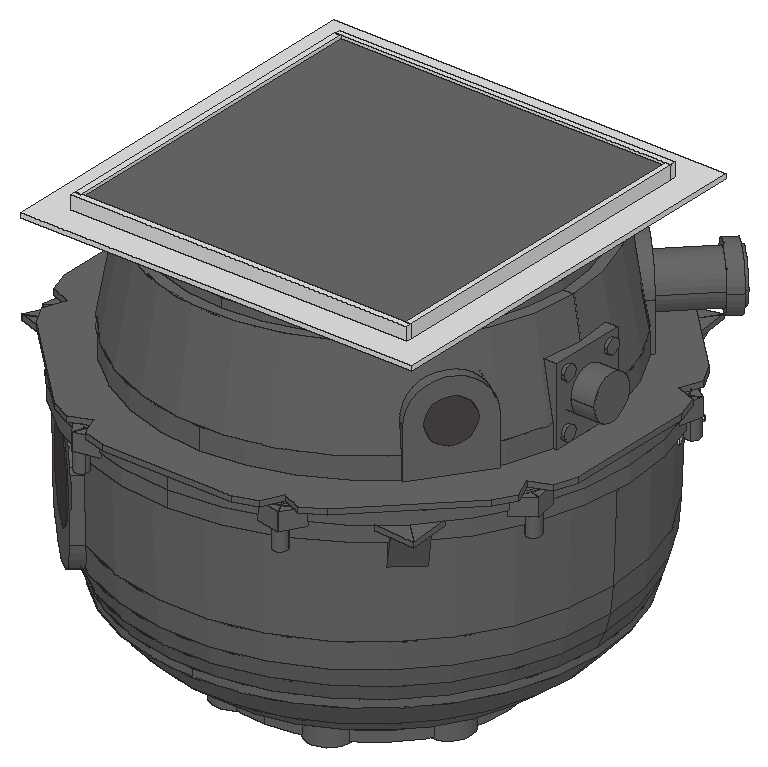
Revit family "280500s (200)", category Generic Models, Revit 2021
Family settings
  Can host rebar = No
  Round Connector Dimension = Use Diameter
  Part Type = Normal
  Work Plane-Based = No
  Always vertical = Yes
  Cut with Voids When Loaded = No
  Shared = Yes
  Room Calculation Point = No
Parameters (values of type "280500S")
  SUPPLIER = "KESSEL"
  SA700ID50 = "no"
  SA700ID49 = "Protection Class I"
  SA700ID48 = "no"
  SA700ID47 = "no"
  SA700ID46 = "yes"
  SA700ID37 = 8000 mm
  SA700ID34 = 12
  SA700ID33 = 0.5 W
  SA700ID32 = 16.17 kg
  SA700ID31 = 1
  SA700ID30 = 1
  SA700ID29 = "RWDR"
  SA700ID21 = 800
  SA700ID10 = "No"
  SA700ID08 = 230 V
  PROCUREWEBLINK = "https://p.caden.as/kessel/280500S"
  PROCURELINK = "p.caden.as/kessel/280500S"
  PROCUREDATALASTUPDATE = "2024-05-22T12:17:27.317097153+01:00"
  PRC_SPECIFICATIONLINK = "https://ausschreiben.de/catalog/kessel/catalogItem/35c0a673-4b31-4c05-a2ef-e6041fe3ab57"
  NN = "Lifting station Aqualift S compact"
  NBSYN = "$SA810ID03. ($LODLEVEL.)"
  NB = "280500S (200)"
  Model = "280500S"
  Manufacturer = "KESSEL"
  MIdent = "{$CADENAS_DATA/23d-libs/kessel/kessel_vdi_import/4/entwaesserung/hebeanlage20aqualift20s20compact.prj},215 {STYP=ASS},{VTYP=3D},{NB=280500S (200)},{LINA=280500S},{NN=Lifting station Aqualift S compact},{DATE=21.11.2022 10:40:35},{GEOMDATE=21.11.2022 10:40:35},{VERSION=},{LINEID=40},{WBVAR=LODLEVEL},{WBNUMERIC=LODLEVEL}  {NB=280500S (200)},{LINA=280500S},{KT=DUMMY},{PREVIEW=../../bilder/ksb_w_280500s.png},{SA700ID04=Hebeanlage Aqualift S Compact, Mono, GTF 500, Bodenplatte},{SA810ID06=04026092082584},{SA700ID34=12.00},{SA010ID03=201805},{SA810ID03=280500S},{SA810ID10=Die steckerfertige Hebeanlage für fäkalienfreies Abwasser ist mit einer überflutbaren Pumpe sowie einem Rückflussverhinderer ausgestattet. Der Sammelbehälter aus dauerhaft beständigem Kunststoff (PE) besitzt einen offenen Pumpenraum. Einhandverschlüsse ermöglichen die einfache Entnahme der integrierten Komponenten. Die Anlage zum Einbau in die Bodenplatte ist vormontiert zur bauseitigen Endmontage.- mit teleskopischem Aufsatzstück für stufenlosen Höhen- und Niveauausgleich und integriertem Bodenablauf- Sammelbehälter aus PE, beständig gegen aggressive Abwässer und 3 m Grundwasser- inklusive Rückflussverhinderer für die Druckleitung- inklusive Stutzen für Zulauf und Kabelleerrohr- Pumpe mit Freistromrad für höchste BetriebssicherheitAusführung:Anlagenart: EinzelanlagePumpensteuerung: SchwimmerschalterRückflussverhinderer: integriertAuslieferungszustand: installationsfertig (Verbindungsteile sind bauseits anzuschließen)Einbausituation: Einbau in die BodenplatteAbwasserart: fäkalienfreiAllgemeine Merkmale:Farbe: schwarzNorm: EN 12050-2Abmessungen:Länge: 617 mmBreite: 585 mmBehälter/Grundkörper:Zulauf Nennweite (DN): 100 mmDruckabgang (DN): 32 mmDruckabgang (DA): 40 mmEinbautiefe: 490 - 620 mmNutzvolumen: 16 lArt der Höhenverstellbarkeit: teleskopisches AufsatzstückAbdeckungsmerkmale:Abdeckungsart: Abdeckplatte mit SchlitzrostAbdeckung Material: KunststoffAbdeckung Farbe: schwarzBelastungsklasse: K 3 (EN 1253-1)Länge: 366 mmBreite: 366 mmVerriegelung: Lock & LiftFreier Kugeldurchgang: 10 mmFördereinrichtung:Pumpe: GTF 500Anzahl Pumpen: 1Förderleistung max.: 10 m3/hFörderhöhe max.: 8 mBetriebsspannung: 230 VNetzfrequenz: 50 HzBetriebsart: S1Leistung P1: 0,6 kWLeistung P2: 0,36 kWDrehzahl: 2.800 U/minErforderliche Absicherung (Leitungsschutz): C 16 AFörderguttemperatur (dauerhaft) max.: 40 °CAnschlusstyp: Schuko 2-poligLaufrad Typ: FreistromradLänge Netzanschlussleitung Pumpe: 5 mNennstrom: 2,7 ASchutzart Pumpe: IP 68 (3m)Typ Anschlussleitung Pumpe: H07RN-F 3G 1,0 mm2Temperaturüberwachung: integriertSteuerung:Art Niveauerfassung: mechanischInstrument Niveauerfassung: Schwimmerschalter},{SA700ID37=8.00},{SA700ID33=0.50},{SA700ID08=230},{SA700ID30=1},{SA700ID32=16.17},{SA700ID49=Schutzklasse I},{SA700ID50=nein},{SA200ID03=6},{SA250ID03=vertikal},{SA260ID03=Trockenläuferpumpe},{SA350ID03=normalansaugend},{SA400ID03=E-Motor für Wechselstrom},{SA460ID03=direkt},{SA500ID03=Kunststoff, Edelstahl},{SA700ID06=32},{SA700ID07=100},{SA700ID09=1/N/PE 230V},{SA700ID10=Nein},{SA700ID11=50},{SA700ID12=IP 68},{SA700ID13=F},{SA700ID15=35},{SA700ID21=800.00},{SA700ID22=0.36},{SA700ID23=2800},{SA700ID24=2800},{SA700ID26=2.50},{SA700ID27=6.90},{SA700ID28=durchgehend},{SA700ID29=RWDR},{SA700ID31=1},{SA700ID46=ja},{SA700ID47=nein},{SA700ID48=nein},{SA110ID04=Hebeanlage Aqualift S Compact},{SA300ID03=einstufig},{SA700ID44=MIN},{SA700ID45=MIN},{SA010ID04=KESSEL AG},{LODLEVEL=200},{LINK=https://www.kessel.de/info?han=280500S},{SA970ID01=970},{SA970ID02=14001},{SA970ID03=280500S},{SA970ID04=11002617},{SA970ID05=QUAD},{SA970ID06=-326},{SA970ID07=-291.04},{SA970ID08=0},{SA970ID09=1},{SA970ID10=0},{SA970ID11=0},{SA970ID12=0},{SA970ID13=1},{SA970ID14=0},{SA970ID15=617.04},{SA970ID16=582.09},{SA970ID17=488.5},{LODLEVEL_=200,'Low'},{LODLEVEL_DEU=200,'Low'},{LINK_=https://www.kessel.de/info?han=280500S},{LINK_DEU=https://www.kessel.de/info?han=280500S},{LODLEVEL_3DB=280500S_200},{DNIN1=100},{DNIN2=125},{DNIN3=100},{DNIN4=100},{DNOUT1=70},{DNOUT2=32},{ISD1=60},{ISD2=10},{ISD3=10},{SA010ID01=010},{SA010ID02=4},{SA010ID06=www.kessel.de},{SA010ID07=www.kessel.de},{SA010ID12=20180713},{SA010ID13=DEU},{SA010ID14=DE},{SA100ID01=100},{SA100ID02=4},{SA100ID04=Entwässerung},{SA110ID01=110},{SA110ID02=30},{SA200ID01=200},{SA200ID02=6},{SA250ID01=250},{SA250ID02=2},{SA260ID01=260},{SA260ID02=2},{SA300ID01=300},{SA300ID02=1},{SA350ID01=350},{SA350ID02=1},{SA400ID01=400},{SA400ID02=1},{SA460ID01=460},{SA460ID02=1},{SA500ID01=500},{SA500ID02=1},{SA700ID01=700},{SA700ID02=186},{SA700ID10_=0},{SA700ID16=0},{SA700ID25=0},{SA700ID46_=1},{SA700ID47_=0},{SA700ID48_=0},{SA700ID49_=1},{SA700ID50_=0},{SA800ID01=800},{SA800ID02=1},{SA810ID01=810},{SA810ID02=186},{SA810ID04=280500S},{SA810ID07=186},{SA810ID09=1},{SA810ID14=PCE},{SA810ID15=1},{SA810ID16=NMP},{SA960ID03=186},{SA960ID04=3L},{SA960ID08=https://www.kessel.de/info?han=280500S},{SA010ID08=4026092000007},{SA100ID05=Hebeanlage},{SA110ID06=Hebeanlage}"
  LINK = "https://www.kessel.de/info?han=280500S"
  LINA = "280500S"
  Default Elevation = 0 mm
  CREATOR = "CADENAS GmbH"
  CATALOG = "KESSEL"
  BOMINFO = "LINA"
  ARTICLENO = "NB"
  4.810.00.9 Order quantity (multiplicator) = "1"
  4.810.00.7 Media- connection number = "186"
  4.810.00.6 GTIN number = "04026092082584"
  4.810.00.4 DATANORM number = "280500S"
  4.810.00.3 Producer order number = "280500S"
  4.710.03.7 Mass (net) = 16.17 kg
  4.710.03.6 Height = 490 mm
  4.710.03.5 Width = 580 mm
  4.710.03.4 Length = 620 mm
  4.710.03.3 Type of dimensions = "2"
  4.710.02.8 Area of application of wastewater pump = "2"
  4.710.02.6 Duty type = "S1"
  4.710.02.5 Cutting device = "0"
  4.710.02.4 Attached pump control = "1"
  4.710.02.3 Free passage = 10 mm
  4.710.01.6 Option to connect to building automation = "10"
  4.710.01.5 Load regulation = "0"
  4.710.01.4 Designation of closed-loop control = "16"
  4.700.00.9 Voltage = 0
  4.700.00.8 Nominal connection size on suction side = "100"
  4.700.00.7 Nominal connection size on pressure side = "100"
  4.700.00.6 Type of connection = "32"
  4.700.00.4 Product indentification = "Hebeanlage Aqualift S Compact, Mono, GTF 500, Bodenplatte"
  4.700.00.28 Motor pump shaft = "durchgehend"
  4.700.00.27 Starting current = 6.9
  4.700.00.26 Maximum power consumption per pump / drive = 2.5
  4.700.00.25 Minimum speed at internal speed adjustment = 0
  4.700.00.24 Nominal speed / maximum speed n = 46.6667
  4.700.00.23 Nominal speed of motor = 46.6667
  4.700.00.22 Maximum shaft output (P2) per pump/drive = 0.36 W
  4.700.00.16 Maximum temperature of pumped medium = 0 °C
  4.700.00.15 Increased safety class = "35 °C"
  4.700.00.13 Type of protection = "F"
  4.700.00.12 Frequency = 0
  4.700.00.11 Stern-/Dreieck-Anlaufschaltung bei Dreiphasenanschluss oder Drehstrom = "50 Hz"
  4.700.00.10 Phase = "0"
  4.500.00.3 Variant / Variant type / Accessories-name = "Kunststoff, Edelstahl"
  4.460.00.3 Variant / Variant type / Accessories-name = "direkt"
  4.400.00.3 Variant / Variant type / Accessories-name = "E-Motor für Wechselstrom"
  4.350.00.3 Variant / Variant type / Accessories-name = "normalansaugend"
  4.300.00.3 Variant / Variant type / Accessories-name = "einstufig"
  4.260.00.3 Variant / Variant type / Accessories-name = "Trockenläuferpumpe"
  4.250.00.3 Variant / Variant type / Accessories-name = "vertikal"
  4.200.00.3 Variant / Variant type / Accessories-name = "6"
  4.110.00.6 Product classification = "Hebeanlage"
  4.110.00.4 Product indentification = "Hebeanlage Aqualift S Compact"
  4.100.00.5 Main groups of wares = "Hebeanlage"
  4.100.00.4 Product indentification = "Entwässerung"
  4.010.00.8 Producer ID number = "4026092000007"
  4.010.00.7 Comment = "www.kessel.de"
  4.010.00.6 Web address of the manufacturer = "www.kessel.de"
  4.010.00.4 Manufacturer name = "KESSEL AG"
  4.010.00.3 Date of issuance (month) of guideline = "201805"
  4.010.00.2 Sheet number of the guideline = "4"
  4.010.00.14 Kennungen der Projektländer, für die die Datei gültig ist = "DE"
  4.010.00.13 Sprache der Datei = "DEU"
  4.010.00.12 Stand des Herstellerkatalogs = "20180713"
Reference planes
  plane 1 "Center (Front/Back)": y = 0
  plane 2: z = 0
  plane 3 "Center (Left/Right)": x = 0
Forms (mm)
  Extrusion 1, void
    sketch origin (-197.283, 197.283, 209) x (-0.707107, -0.707107, 0) y (0, 0, -1)
      loop
        line (-0.5, -0.5) -> (0.5, -0.5) -> (0.5, 0.5) -> (-0.5, 0.5) -> (-0.5, -0.5)
    from 0 to 1
  Extrusion 2, void
    sketch origin (-197.283, -197.283, 209) x (0.707107, -0.707107, 0) y (0, 0, -1)
      loop
        line (-0.5, -0.5) -> (0.5, -0.5) -> (0.5, 0.5) -> (-0.5, 0.5) -> (-0.5, -0.5)
    from 0 to 1
Dimensions and locks
  locked: plane 2 to Extrusion 1 at 208.5
  locked: plane 2 to Extrusion 1 at 209.5
  locked: plane 2 to Extrusion 2 at 208.5
  locked: plane 2 to Extrusion 2 at 209.5
  aligned and locked: level to plane 2
Nested families
  nested 1: "280500s (200)_content" at (0, 0, 0), type "280500S (200)_Content"
  nested 2: "280500s (200)_part1_X0Y0" at (0, 0, 0), type "280500S_PART1_X0Y0"
Connectors
  piping at (-326, 0, 209), diameter 125
    settings: on nested 2, index 1, connector inside diameter 609.6 mm, connector length 0 mm, flow factor 0, pipe flow 0.0 L/s, pressure drop 0.0 Pa, fitting loss kfactor 0, connector angle 0.00°, fixture units 0, engagement length 0 mm, angle of deflection 0.00°, flow configuration 0, flow direction 1, fitting loss method 2, system type 29, joint type 0, gender type 0, connector reference index -1, connector utility 0, adjustable connector no, is connector primary yes, connector description ""
  piping at (-197.283, 197.283, 209), diameter 100
    settings: on Extrusion 1, index 2, connector inside diameter 609.6 mm, connector length 0 mm, flow factor 0, pipe flow 0.0 L/s, pressure drop 0.0 Pa, fitting loss kfactor 0, connector angle 0.00°, fixture units 0, engagement length 0 mm, angle of deflection 0.00°, flow configuration 0, flow direction 0, fitting loss method 2, system type 29, joint type 0, gender type 0, connector reference index -1, connector utility 0, adjustable connector no, is connector primary no, connector description ""
  piping at (-197.283, -197.283, 209), diameter 100
    settings: on Extrusion 2, index 3, connector inside diameter 609.6 mm, connector length 0 mm, flow factor 0, pipe flow 0.0 L/s, pressure drop 0.0 Pa, fitting loss kfactor 0, connector angle 0.00°, fixture units 0, engagement length 0 mm, angle of deflection 0.00°, flow configuration 0, flow direction 0, fitting loss method 2, system type 29, joint type 0, gender type 0, connector reference index -1, connector utility 0, adjustable connector no, is connector primary no, connector description ""
  piping at (-245.75, 0, 370), diameter 70
    settings: on nested 2, index 4, connector inside diameter 609.6 mm, connector length 0 mm, flow factor 0, pipe flow 0.0 L/s, pressure drop 0.0 Pa, fitting loss kfactor 0, connector angle 0.00°, fixture units 0, engagement length 0 mm, angle of deflection 0.00°, flow configuration 0, flow direction 0, fitting loss method 2, system type 29, joint type 0, gender type 0, connector reference index -1, connector utility 0, adjustable connector no, is connector primary no, connector description ""
  piping at (272.5, -3, 363.25), diameter 32
    settings: on nested 2, index 5, connector inside diameter 609.6 mm, connector length 0 mm, flow factor 0, pipe flow 0.0 L/s, pressure drop 0.0 Pa, fitting loss kfactor 0, connector angle 0.00°, fixture units 0, engagement length 0 mm, angle of deflection 0.00°, flow configuration 0, flow direction 2, fitting loss method 2, system type 29, joint type 0, gender type 0, connector reference index -1, connector utility 0, adjustable connector no, is connector primary no, connector description ""
  electrical at (227.236, 241.378, 376)
    settings: on nested 2, index 6, voltage 0 V, apparent load 0 VA, apparent load phase1 0 VA, apparent load phase2 0 VA, apparent load phase3 0 VA, power factor 1, load classification "Other", number of poles 1, system type 31, power factor state 1, is connector primary yes, connector utility no, sub classification motor no, connector description ""
  electrical at (241.378, 227.236, 364)
    settings: on nested 2, index 7, voltage 0 V, apparent load 0 VA, apparent load phase1 0 VA, apparent load phase2 0 VA, apparent load phase3 0 VA, power factor 1, load classification "Other", number of poles 1, system type 31, power factor state 1, is connector primary no, connector utility no, sub classification motor no, connector description ""
  electrical at (241.378, 227.236, 376)
    settings: on nested 2, index 8, voltage 0 V, apparent load 0 VA, apparent load phase1 0 VA, apparent load phase2 0 VA, apparent load phase3 0 VA, power factor 1, load classification "Other", number of poles 1, system type 31, power factor state 1, is connector primary no, connector utility no, sub classification motor no, connector description ""
  electrical at (227.236, 241.378, 364)
    settings: on nested 2, index 9, voltage 0 V, apparent load 0 VA, apparent load phase1 0 VA, apparent load phase2 0 VA, apparent load phase3 0 VA, power factor 1, load classification "Other", number of poles 1, system type 31, power factor state 1, is connector primary no, connector utility no, sub classification motor no, connector description ""
Definition of nested family "280500s (200)_part1_X0Y0"
  Parameters (values of type "280500S_PART1_X0Y0")
    SUPPLIER = "KESSEL"
    SA700ID50 = "no"
    SA700ID49 = "Protection Class I"
    SA700ID48 = "no"
    SA700ID47 = "no"
    SA700ID46 = "yes"
    SA700ID37 = 8000 mm
    SA700ID34 = 12
    SA700ID33 = 0.5 W
    SA700ID32 = 16.17 kg
    SA700ID31 = 1
    SA700ID30 = 1
    SA700ID29 = "RWDR"
    SA700ID21 = 800
    SA700ID10 = "No"
    SA700ID08 = 230 V
    NBSYN = "$SA810ID03. ($LODLEVEL.)_PART1"
    NB = "280500S (200)_PART1"
    Model = "280500S_PART1"
    Manufacturer = "KESSEL"
    MIdent = "{$CADENAS_DATA/23d-libs/kessel/kessel_vdi_import/4/entwaesserung/hebeanlage20aqualift20s20compact.prj},235 {VTYP=3D},{NB=280500S (200)_PART1},{LINA=280500S_PART1},{NN=Lifting station Aqualift S compact_PART1},{NOPRJ=TRUE},{DATE=21.11.2022 10:40:35},{GEOMDATE=21.11.2022 10:40:35},{VERSION=},{LINEID=40},{WBVAR=LODLEVEL},{WBNUMERIC=LODLEVEL}  {NB=280500S (200)_PART1},{LINA=280500S_PART1},{KT=DUMMY},{PREVIEW=../../bilder/ksb_w_280500s.png},{SA700ID04=Hebeanlage Aqualift S Compact, Mono, GTF 500, Bodenplatte},{SA810ID06=04026092082584},{SA700ID34=12.00},{SA010ID03=201805},{SA810ID03=280500S},{SA810ID10=Die steckerfertige Hebeanlage für fäkalienfreies Abwasser ist mit einer überflutbaren Pumpe sowie einem Rückflussverhinderer ausgestattet. Der Sammelbehälter aus dauerhaft beständigem Kunststoff (PE) besitzt einen offenen Pumpenraum. Einhandverschlüsse ermöglichen die einfache Entnahme der integrierten Komponenten. Die Anlage zum Einbau in die Bodenplatte ist vormontiert zur bauseitigen Endmontage.- mit teleskopischem Aufsatzstück für stufenlosen Höhen- und Niveauausgleich und integriertem Bodenablauf- Sammelbehälter aus PE, beständig gegen aggressive Abwässer und 3 m Grundwasser- inklusive Rückflussverhinderer für die Druckleitung- inklusive Stutzen für Zulauf und Kabelleerrohr- Pumpe mit Freistromrad für höchste BetriebssicherheitAusführung:Anlagenart: EinzelanlagePumpensteuerung: SchwimmerschalterRückflussverhinderer: integriertAuslieferungszustand: installationsfertig (Verbindungsteile sind bauseits anzuschließen)Einbausituation: Einbau in die BodenplatteAbwasserart: fäkalienfreiAllgemeine Merkmale:Farbe: schwarzNorm: EN 12050-2Abmessungen:Länge: 617 mmBreite: 585 mmBehälter/Grundkörper:Zulauf Nennweite (DN): 100 mmDruckabgang (DN): 32 mmDruckabgang (DA): 40 mmEinbautiefe: 490 - 620 mmNutzvolumen: 16 lArt der Höhenverstellbarkeit: teleskopisches AufsatzstückAbdeckungsmerkmale:Abdeckungsart: Abdeckplatte mit SchlitzrostAbdeckung Material: KunststoffAbdeckung Farbe: schwarzBelastungsklasse: K 3 (EN 1253-1)Länge: 366 mmBreite: 366 mmVerriegelung: Lock & LiftFreier Kugeldurchgang: 10 mmFördereinrichtung:Pumpe: GTF 500Anzahl Pumpen: 1Förderleistung max.: 10 m3/hFörderhöhe max.: 8 mBetriebsspannung: 230 VNetzfrequenz: 50 HzBetriebsart: S1Leistung P1: 0,6 kWLeistung P2: 0,36 kWDrehzahl: 2.800 U/minErforderliche Absicherung (Leitungsschutz): C 16 AFörderguttemperatur (dauerhaft) max.: 40 °CAnschlusstyp: Schuko 2-poligLaufrad Typ: FreistromradLänge Netzanschlussleitung Pumpe: 5 mNennstrom: 2,7 ASchutzart Pumpe: IP 68 (3m)Typ Anschlussleitung Pumpe: H07RN-F 3G 1,0 mm2Temperaturüberwachung: integriertSteuerung:Art Niveauerfassung: mechanischInstrument Niveauerfassung: Schwimmerschalter},{SA700ID37=8.00},{SA700ID33=0.50},{SA700ID08=230},{SA700ID30=1},{SA700ID32=16.17},{SA700ID49=Schutzklasse I},{SA700ID50=nein},{SA200ID03=6},{SA250ID03=vertikal},{SA260ID03=Trockenläuferpumpe},{SA350ID03=normalansaugend},{SA400ID03=E-Motor für Wechselstrom},{SA460ID03=direkt},{SA500ID03=Kunststoff, Edelstahl},{SA700ID06=32},{SA700ID07=100},{SA700ID09=1/N/PE 230V},{SA700ID10=Nein},{SA700ID11=50},{SA700ID12=IP 68},{SA700ID13=F},{SA700ID15=35},{SA700ID21=800.00},{SA700ID22=0.36},{SA700ID23=2800},{SA700ID24=2800},{SA700ID26=2.50},{SA700ID27=6.90},{SA700ID28=durchgehend},{SA700ID29=RWDR},{SA700ID31=1},{SA700ID46=ja},{SA700ID47=nein},{SA700ID48=nein},{SA110ID04=Hebeanlage Aqualift S Compact},{SA300ID03=einstufig},{SA700ID44=MIN},{SA700ID45=MIN},{SA010ID04=KESSEL AG},{LODLEVEL=200},{LINK=https://www.kessel.de/info?han=280500S},{SA970ID01=970},{SA970ID02=14001},{SA970ID03=280500S},{SA970ID04=11002617},{SA970ID05=QUAD},{SA970ID06=-326},{SA970ID07=-291.04},{SA970ID08=0},{SA970ID09=1},{SA970ID10=0},{SA970ID11=0},{SA970ID12=0},{SA970ID13=1},{SA970ID14=0},{SA970ID15=617.04},{SA970ID16=582.09},{SA970ID17=488.5},{LODLEVEL_=200,'Low'},{LODLEVEL_DEU=200,'Low'},{LINK_=https://www.kessel.de/info?han=280500S},{LINK_DEU=https://www.kessel.de/info?han=280500S},{LODLEVEL_3DB=280500S_200},{DNIN1=100},{DNIN2=125},{DNIN3=100},{DNIN4=100},{DNOUT1=70},{DNOUT2=32},{ISD1=60},{ISD2=10},{ISD3=10},{SA010ID01=010},{SA010ID02=4},{SA010ID06=www.kessel.de},{SA010ID07=www.kessel.de},{SA010ID12=20180713},{SA010ID13=DEU},{SA010ID14=DE},{SA100ID01=100},{SA100ID02=4},{SA100ID04=Entwässerung},{SA110ID01=110},{SA110ID02=30},{SA200ID01=200},{SA200ID02=6},{SA250ID01=250},{SA250ID02=2},{SA260ID01=260},{SA260ID02=2},{SA300ID01=300},{SA300ID02=1},{SA350ID01=350},{SA350ID02=1},{SA400ID01=400},{SA400ID02=1},{SA460ID01=460},{SA460ID02=1},{SA500ID01=500},{SA500ID02=1},{SA700ID01=700},{SA700ID02=186},{SA700ID10_=0},{SA700ID16=0},{SA700ID25=0},{SA700ID46_=1},{SA700ID47_=0},{SA700ID48_=0},{SA700ID49_=1},{SA700ID50_=0},{SA800ID01=800},{SA800ID02=1},{SA810ID01=810},{SA810ID02=186},{SA810ID04=280500S},{SA810ID07=186},{SA810ID09=1},{SA810ID14=PCE},{SA810ID15=1},{SA810ID16=NMP},{SA960ID03=186},{SA960ID04=3L},{SA960ID08=https://www.kessel.de/info?han=280500S},{SA010ID08=4026092000007},{SA100ID05=Hebeanlage},{SA110ID06=Hebeanlage}"
    LINK = "https://www.kessel.de/info?han=280500S"
    LINA = "280500S_PART1"
    Default Elevation = 1219.2 mm
    CREATOR = "CADENAS GmbH"
    CATALOG = "KESSEL"
    BOMINFO = "LINA"
    ARTICLENO = "NB"
    4.810.00.9 Order quantity (multiplicator) = "1"
    4.810.00.7 Media- connection number = "186"
    4.810.00.6 GTIN number = "04026092082584"
    4.810.00.4 DATANORM number = "280500S"
    4.810.00.3 Producer order number = "280500S"
    4.710.03.7 Mass (net) = 16.17 kg
    4.710.03.6 Height = 490 mm
    4.710.03.5 Width = 580 mm
    4.710.03.4 Length = 620 mm
    4.710.03.3 Type of dimensions = "2"
    4.710.02.8 Area of application of wastewater pump = "2"
    4.710.02.6 Duty type = "S1"
    4.710.02.5 Cutting device = "0"
    4.710.02.4 Attached pump control = "1"
    4.710.02.3 Free passage = 10 mm
    4.710.01.6 Option to connect to building automation = "10"
    4.710.01.5 Load regulation = "0"
    4.710.01.4 Designation of closed-loop control = "16"
    4.700.00.9 Voltage = 0
    4.700.00.8 Nominal connection size on suction side = "100"
    4.700.00.7 Nominal connection size on pressure side = "100"
    4.700.00.6 Type of connection = "32"
    4.700.00.4 Product indentification = "Hebeanlage Aqualift S Compact, Mono, GTF 500, Bodenplatte"
    4.700.00.28 Motor pump shaft = "durchgehend"
    4.700.00.27 Starting current = 6.9
    4.700.00.26 Maximum power consumption per pump / drive = 2.5
    4.700.00.25 Minimum speed at internal speed adjustment = 0
    4.700.00.24 Nominal speed / maximum speed n = 46.6667
    4.700.00.23 Nominal speed of motor = 46.6667
    4.700.00.22 Maximum shaft output (P2) per pump/drive = 0.36 W
    4.700.00.16 Maximum temperature of pumped medium = 0 °C
    4.700.00.15 Increased safety class = "35 °C"
    4.700.00.13 Type of protection = "F"
    4.700.00.12 Frequency = 0
    4.700.00.11 Stern-/Dreieck-Anlaufschaltung bei Dreiphasenanschluss oder Drehstrom = "50 Hz"
    4.700.00.10 Phase = "0"
    4.500.00.3 Variant / Variant type / Accessories-name = "Kunststoff, Edelstahl"
    4.460.00.3 Variant / Variant type / Accessories-name = "direkt"
    4.400.00.3 Variant / Variant type / Accessories-name = "E-Motor für Wechselstrom"
    4.350.00.3 Variant / Variant type / Accessories-name = "normalansaugend"
    4.300.00.3 Variant / Variant type / Accessories-name = "einstufig"
    4.260.00.3 Variant / Variant type / Accessories-name = "Trockenläuferpumpe"
    4.250.00.3 Variant / Variant type / Accessories-name = "vertikal"
    4.200.00.3 Variant / Variant type / Accessories-name = "6"
    4.110.00.6 Product classification = "Hebeanlage"
    4.110.00.4 Product indentification = "Hebeanlage Aqualift S Compact"
    4.100.00.5 Main groups of wares = "Hebeanlage"
    4.100.00.4 Product indentification = "Entwässerung"
    4.010.00.8 Producer ID number = "4026092000007"
    4.010.00.7 Comment = "www.kessel.de"
    4.010.00.6 Web address of the manufacturer = "www.kessel.de"
    4.010.00.4 Manufacturer name = "KESSEL AG"
    4.010.00.3 Date of issuance (month) of guideline = "201805"
    4.010.00.2 Sheet number of the guideline = "4"
    4.010.00.14 Kennungen der Projektländer, für die die Datei gültig ist = "DE"
    4.010.00.13 Sprache der Datei = "DEU"
    4.010.00.12 Stand des Herstellerkatalogs = "20180713"
  Reference planes
    plane 1 "Center (Front/Back)": y = 0
    plane 2: z = 0
    plane 3 "Center (Left/Right)": x = 0
  Dimensions and locks
    aligned and locked: level to plane 2
  Nested families
    nested 1: "280500s (200)_part1_content" at (0, 0, 0), type "280500S (200)_PART1_Content"
  Definition of nested family "280500s (200)_part1_content"
    Parameters (values of type "280500S (200)_PART1_Content")
      SUPPLIER = "KESSEL"
      SA700ID50 = "no"
      SA700ID49 = "Protection Class I"
      SA700ID48 = "no"
      SA700ID47 = "no"
      SA700ID46 = "yes"
      SA700ID37 = 8000 mm
      SA700ID34 = 12
      SA700ID33 = 0.5 W
      SA700ID32 = 16.17 kg
      SA700ID31 = 1
      SA700ID30 = 1
      SA700ID29 = "RWDR"
      SA700ID21 = 800
      SA700ID10 = "No"
      SA700ID08 = 230 V
      NBSYN = "$SA810ID03. ($LODLEVEL.)_PART1"
      NB = "280500S (200)_PART1"
      Model = "280500S_PART1"
      Manufacturer = "KESSEL"
      LINK = "https://www.kessel.de/info?han=280500S"
      LINA = "280500S_PART1"
      Default Elevation = 1219.2 mm
      CREATOR = "CADENAS GmbH"
      CATALOG = "KESSEL"
      BOMINFO = "LINA"
      ARTICLENO = "NB"
      4.810.00.9 Order quantity (multiplicator) = "1"
      4.810.00.7 Media- connection number = "186"
      4.810.00.6 GTIN number = "04026092082584"
      4.810.00.4 DATANORM number = "280500S"
      4.810.00.3 Producer order number = "280500S"
      4.710.03.7 Mass (net) = 16.17 kg
      4.710.03.6 Height = 490 mm
      4.710.03.5 Width = 580 mm
      4.710.03.4 Length = 620 mm
      4.710.03.3 Type of dimensions = "2"
      4.710.02.8 Area of application of wastewater pump = "2"
      4.710.02.6 Duty type = "S1"
      4.710.02.5 Cutting device = "0"
      4.710.02.4 Attached pump control = "1"
      4.710.02.3 Free passage = 10 mm
      4.710.01.6 Option to connect to building automation = "10"
      4.710.01.5 Load regulation = "0"
      4.710.01.4 Designation of closed-loop control = "16"
      4.700.00.9 Voltage = 0
      4.700.00.8 Nominal connection size on suction side = "100"
      4.700.00.7 Nominal connection size on pressure side = "100"
      4.700.00.6 Type of connection = "32"
      4.700.00.4 Product indentification = "Hebeanlage Aqualift S Compact, Mono, GTF 500, Bodenplatte"
      4.700.00.28 Motor pump shaft = "durchgehend"
      4.700.00.27 Starting current = 6.9
      4.700.00.26 Maximum power consumption per pump / drive = 2.5
      4.700.00.25 Minimum speed at internal speed adjustment = 0
      4.700.00.24 Nominal speed / maximum speed n = 46.6667
      4.700.00.23 Nominal speed of motor = 46.6667
      4.700.00.22 Maximum shaft output (P2) per pump/drive = 0.36 W
      4.700.00.16 Maximum temperature of pumped medium = 0 °C
      4.700.00.15 Increased safety class = "35 °C"
      4.700.00.13 Type of protection = "F"
      4.700.00.12 Frequency = 0
      4.700.00.11 Stern-/Dreieck-Anlaufschaltung bei Dreiphasenanschluss oder Drehstrom = "50 Hz"
      4.700.00.10 Phase = "0"
      4.500.00.3 Variant / Variant type / Accessories-name = "Kunststoff, Edelstahl"
      4.460.00.3 Variant / Variant type / Accessories-name = "direkt"
      4.400.00.3 Variant / Variant type / Accessories-name = "E-Motor für Wechselstrom"
      4.350.00.3 Variant / Variant type / Accessories-name = "normalansaugend"
      4.300.00.3 Variant / Variant type / Accessories-name = "einstufig"
      4.260.00.3 Variant / Variant type / Accessories-name = "Trockenläuferpumpe"
      4.250.00.3 Variant / Variant type / Accessories-name = "vertikal"
      4.200.00.3 Variant / Variant type / Accessories-name = "6"
      4.110.00.6 Product classification = "Hebeanlage"
      4.110.00.4 Product indentification = "Hebeanlage Aqualift S Compact"
      4.100.00.5 Main groups of wares = "Hebeanlage"
      4.100.00.4 Product indentification = "Entwässerung"
      4.010.00.8 Producer ID number = "4026092000007"
      4.010.00.7 Comment = "www.kessel.de"
      4.010.00.6 Web address of the manufacturer = "www.kessel.de"
      4.010.00.4 Manufacturer name = "KESSEL AG"
      4.010.00.3 Date of issuance (month) of guideline = "201805"
      4.010.00.2 Sheet number of the guideline = "4"
      4.010.00.14 Kennungen der Projektländer, für die die Datei gültig ist = "DE"
      4.010.00.13 Sprache der Datei = "DEU"
      4.010.00.12 Stand des Herstellerkatalogs = "20180713"
    Reference planes
      plane 1 "Center (Front/Back)": y = 0
      plane 2: z = 0
      plane 3 "Center (Left/Right)": x = 0
    Forms (mm)
      Extrusion 1, solid, detail levels medium+fine
        sketch origin (0, 0, 2) x (0, 1, 0) y (-1, 0, 0)
          loop
            circle (0, 0) r 153
        from 0 to 26.5
      Revolve 2, solid, detail levels medium+fine
        sketch origin (0, 0, 21) x (0, 0, 1) y (-1, 0, 0)
          loop
            line (0, 0) -> (16, 0) -> (16, 193) -> (0, 153) -> (0, 0)
          axis (16, 0) -> (0, 0)
        angle from -360 to 0
      Revolve 3, solid, detail levels medium+fine
        sketch origin (0, 0, 37) x (0, 0, 1) y (-1, 0, 0)
          loop
            line (0, 0) -> (24, 0) -> (24, 225) -> (0, 193) -> (0, 0)
          axis (24, 0) -> (0, 0)
        angle from -360 to 0
      Revolve 4, solid, detail levels medium+fine
        sketch origin (0, 0, 61) x (0, 0, 1) y (-1, 0, 0)
          loop
            line (0, 0) -> (33, 0) -> (33, 255) -> (0, 225) -> (0, 0)
          axis (33, 0) -> (0, 0)
        angle from -360 to 0
      Extrusion 5, solid, detail levels medium+fine
        sketch origin (0, 0, 94) x (0, 1, 0) y (-1, 0, 0)
          loop
            circle (0, 0) r 255
        from 0 to 9
      Revolve 6, solid, detail levels medium+fine
        sketch origin (0, 0, 103) x (0, 0, 1) y (-1, 0, 0)
          loop
            line (0, 0) -> (18, 0) -> (18, 263.5) -> (0, 255) -> (0, 0)
          axis (18, 0) -> (0, 0)
        angle from -360 to 0
      Revolve 7, solid, detail levels medium+fine
        sketch origin (0, 0, 121) x (0, 0, 1) y (-1, 0, 0)
          loop
            line (0, 0) -> (20, 0) -> (20, 269.5) -> (0, 263.5) -> (0, 0)
          axis (20, 0) -> (0, 0)
        angle from -360 to 0
      Revolve 8, solid, detail levels medium+fine
        sketch origin (0, 0, 141) x (0, 0, 1) y (-1, 0, 0)
          loop
            line (0, 0) -> (30, 0) -> (30, 272.75) -> (0, 269.5) -> (0, 0)
          axis (30, 0) -> (0, 0)
        angle from -360 to 0
      Revolve 9, solid, detail levels medium+fine
        sketch origin (0, 0, 171) x (0, 0, 1) y (-1, 0, 0)
          loop
            line (0, 0) -> (111, 0) -> (111, 277) -> (0, 272.75) -> (0, 0)
          axis (111, 0) -> (0, 0)
        angle from -360 to 0
      Extrusion 10, solid, detail levels medium+fine
        sketch origin (0, 0, 282) x (0, 1, 0) y (-1, 0, 0)
          loop
            circle (0, 0) r 290.5
        from 0 to 18
      Extrusion 11, solid, detail levels medium+fine
        sketch origin (0, 0, 300) x (0, 1, 0) y (-1, 0, 0)
          loop
            circle (0, 0) r 291
        from 0 to 14
      Extrusion 12, solid, detail levels medium+fine
        sketch origin (0, 0, 314) x (1, 0, 0) y (0, 1, 0)
          loop
            line (-291.044, -72.937) -> (-283.487, -98.291) -> (-260.422, -107.913) -> (-269.955, -130.928) -> (-257.458, -154.14) -> (-154.225, -257.373) -> (-130.953, -269.958) -> (-107.84, -260.453) -> (-98.307, -283.467) -> (-73.056, -291.044) -> (72.937, -291.044) -> (98.291, -283.487) -> (107.913, -260.422) -> (130.928, -269.955) -> (154.14, -257.458) -> (257.694, -153.632) -> (269.958, -130.953) -> (260.394, -107.864) -> (283.467, -98.307) -> (291.044, -73.056) -> (291.044, 72.937) -> (283.487, 98.291) -> (260.422, 107.913) -> (269.955, 130.928) -> (257.458, 154.14) -> (154.225, 257.373) -> (130.953, 269.958) -> (107.84, 260.453) -> (98.307, 283.467) -> (73.056, 291.044) -> (-72.937, 291.044) -> (-98.291, 283.487) -> (-107.913, 260.422) -> (-130.928, 269.955) -> (-154.14, 257.458) -> (-257.373, 154.225) -> (-269.958, 130.953) -> (-260.453, 107.84) -> (-283.467, 98.307) -> (-291.044, 73.056) -> (-291.044, -72.937)
        from 0 to 6
      Extrusion 13, solid, detail levels medium+fine
        sketch origin (0, 0, 320) x (0, 1, 0) y (-1, 0, 0)
          loop
            circle (0, 0) r 245.25
        from 0 to 24.5
      Revolve 14, solid, detail levels medium+fine
        sketch origin (0, 0, 344.5) x (0, 0, 1) y (-1, 0, 0)
          loop
            line (0, 0) -> (106.5, 0) -> (106.5, 227) -> (0, 245.25) -> (0, 0)
          axis (106.5, 0) -> (0, 0)
        angle from -360 to 0
      Extrusion 15, solid, detail levels medium+fine
        sketch origin (0, 0, 451) x (0, 1, 0) y (-1, 0, 0)
          loop
            circle (0, 0) r 214.5
        from 0 to 10
      Extrusion 16, solid, detail levels medium+fine
        sketch origin (-190, -190, 461) x (0, 1, 0) y (0, 0, 1)
          loop
            line (0, 7.5) -> (0, 0) -> (380, 0) -> (380, 7.5) -> (0, 7.5)
        from 0 to 380
      Extrusion 17, solid, detail levels medium+fine
        sketch origin (0, 0, 461) x (0, 1, 0) y (-1, 0, 0)
          loop
            circle (0, 0) r 208.5
        from 0 to 7.5
      Extrusion 18, solid, detail levels medium+fine
        sketch origin (-222, -222, 468.5) x (0, 1, 0) y (0, 0, 1)
          loop
            line (0, 5) -> (0, 0) -> (444, 0) -> (444, 5) -> (0, 5)
        from 0 to 444
      Extrusion 19, solid, detail levels medium+fine
        sketch origin (-184, -184, 473.5) x (0, 1, 0) y (0, 0, 1)
          loop
            line (0, 12) -> (0, 0) -> (368, 0) -> (368, 12) -> (0, 12)
        from 0 to 368
      Extrusion 20, solid, detail levels medium+fine
        sketch origin (0, 60, 320) x (0, -1, 0) y (0, 0, 1)
          loop
            line (0, 50) -> (0, 0) -> (120, 0) -> (120, 50) -> (0, 50)
        from 0 to 245.5
      Extrusion 21, solid, detail levels medium+fine
        sketch origin (0, 0, 370) x (0, -1, 0) y (0, 0, 1)
          loop
            circle (0, 0) r 60
        from 0 to 245.5
      Extrusion 22, solid, detail levels medium+fine
        sketch origin (-244, 0, 370) x (0, -1, 0) y (0, 0, 1)
          loop
            circle (0, 0) r 35.1
        from 0 to 1.75
      Extrusion 23, solid, detail levels medium+fine
        sketch origin (31.82, -31.82, 320) x (-0.707107, 0.707107, 0) y (0, 0, 1)
          loop
            line (0, 55.25) -> (0, 0) -> (90, 0) -> (90, 55.25) -> (0, 55.25)
        from 0 to 245.5
      Extrusion 24, solid, detail levels medium+fine
        sketch origin (0, 0, 375.25) x (-0.707107, 0.707107, 0) y (0, 0, 1)
          loop
            circle (0, 0) r 45
        from 0 to 245.5
      Extrusion 25, solid, detail levels medium+fine
        sketch origin (0, 0, 370) x (-0.707107, 0.707107, 0) y (0, 0, 1)
          loop
            circle (0, 0) r 27.7
        from 0 to 311.36
      Extrusion 26, solid, detail levels medium+fine
        sketch origin (0, 27.5, 332.75) x (0, 1, 0) y (0, 0, 1)
          loop
            circle (0, 0) r 8
        from 0 to 250
      Extrusion 27, solid, detail levels medium+fine
        sketch origin (0, -46.25, 320) x (0, 1, 0) y (0, 0, 1)
          loop
            line (0, 86.5) -> (0, 0) -> (86.5, 0) -> (86.5, 86.5) -> (0, 86.5)
        from 0 to 245.5
      Extrusion 28, solid, detail levels medium+fine
        sketch origin (0, -3, 363.25) x (0, 1, 0) y (0, 0, 1)
          loop
            circle (0, 0) r 24.75
        from 0 to 272.5
      Extrusion 29, solid, detail levels medium+fine
        sketch origin (0, 27.5, 393.75) x (0, 1, 0) y (0, 0, 1)
          loop
            circle (0, 0) r 8
        from 0 to 250
      Extrusion 30, solid, detail levels medium+fine
        sketch origin (0, -33.5, 332.75) x (0, 1, 0) y (0, 0, 1)
          loop
            circle (0, 0) r 8
        from 0 to 250
      Extrusion 31, solid, detail levels medium+fine
        sketch origin (0, -33.5, 393.75) x (0, 1, 0) y (0, 0, 1)
          loop
            circle (0, 0) r 8
        from 0 to 250
      Extrusion 32, solid, detail levels medium+fine
        sketch origin (-25.811, -36.862, 320) x (0.573577, 0.819152, 0) y (0, 0, 1)
          loop
            line (0, 55.25) -> (0, 0) -> (90, 0) -> (90, 55.25)
            arc (90, 55.25) -> (45, 100.25) -> (0, 55.25) r 45
        from 0 to 245.5
      Extrusion 33, solid, detail levels medium+fine
        sketch origin (199.873, -139.953, 375.25) x (0.573577, 0.819152, 0) y (0, 0, 1)
          loop
            circle (0, 0) r 25
        from 0 to 1.75
      Extrusion 34, solid, detail levels medium+fine
        sketch origin (-53.002, 127.957, 0) x (-0.92388, -0.382683, 0) y (0.382683, -0.92388, 0)
          loop
            circle (0, 0) r 25
        from 0 to 28.5
      Extrusion 35, solid, detail levels medium+fine
        sketch origin (-127.957, -53.002, 0) x (0.382683, -0.92388, 0) y (0.92388, 0.382683, 0)
          loop
            circle (0, 0) r 25
        from 0 to 28.5
      Extrusion 36, solid, detail levels medium+fine
        sketch origin (53.002, -127.957, 0) x (0.92388, 0.382683, 0) y (-0.382683, 0.92388, 0)
          loop
            circle (0, 0) r 25
        from 0 to 28.5
      Extrusion 37, solid, detail levels medium+fine
        sketch origin (53.002, 127.957, 0) x (-0.923879, 0.382684, 0) y (-0.382684, -0.923879, 0)
          loop
            circle (0, 0) r 25
        from 0 to 28.5
      Extrusion 38, solid, detail levels medium+fine
        sketch origin (-127.957, 53.002, 0) x (-0.382684, -0.923879, 0) y (0.923879, -0.382684, 0)
          loop
            circle (0, 0) r 25
        from 0 to 28.5
      Extrusion 39, solid, detail levels medium+fine
        sketch origin (-53.002, -127.957, 0) x (0.923879, -0.382684, 0) y (0.382684, 0.923879, 0)
          loop
            circle (0, 0) r 25
        from 0 to 28.5
      Extrusion 40, solid, detail levels medium+fine
        sketch origin (127.957, -53.002, 0) x (0.382684, 0.923879, 0) y (-0.923879, 0.382684, 0)
          loop
            circle (0, 0) r 25
        from 0 to 28.5
      Extrusion 41, solid, detail levels medium+fine
        sketch origin (127.957, 53.002, 0) x (-0.382683, 0.92388, 0) y (-0.92388, -0.382683, 0)
          loop
            circle (0, 0) r 25
        from 0 to 28.5
      Extrusion 42, solid, detail levels medium+fine
        sketch origin (0, 0, 209) x (0, -1, 0) y (0, 0, 1)
          loop
            line (-72.693, 35.337) -> (-68.918, -37.767)
            arc (-68.918, -37.767) -> (-63.198, -56.139) -> (-50.593, -70.678) r 46.983
            line (-50.593, -70.678) -> (-49.193, -71.697)
            arc (-49.193, -71.697) -> (-25.794, -83.147) -> (0, -86.788) r 83.079
            arc (0, -86.788) -> (25.794, -83.147) -> (49.193, -71.697) r 83.079
            line (49.193, -71.697) -> (50.593, -70.678)
            arc (50.593, -70.678) -> (63.198, -56.139) -> (68.918, -37.767) r 46.983
            line (68.918, -37.767) -> (72.693, 35.337)
            arc (72.693, 35.337) -> (71.616, 38.805) -> (69.783, 41.939) r 15.989
            arc (69.783, 41.939) -> (60.032, 51.336) -> (48.652, 58.679) r 69.984
            line (48.652, 58.679) -> (47.252, 59.417)
            arc (47.252, 59.417) -> (24.369, 68.322) -> (0, 71.344) r 99.373
            arc (0, 71.344) -> (-24.369, 68.322) -> (-47.252, 59.417) r 99.373
            line (-47.252, 59.417) -> (-48.652, 58.679)
            arc (-48.652, 58.679) -> (-60.032, 51.336) -> (-69.783, 41.939) r 69.984
            arc (-69.783, 41.939) -> (-71.616, 38.805) -> (-72.693, 35.337) r 15.989
        from 0 to 277.5
      Extrusion 43, solid, detail levels medium+fine
        sketch origin (0, 0, 209) x (0, -1, 0) y (0, 0, 1)
          loop
            circle (0, 0) r 55
        from 0 to 326
      Extrusion 44, solid, detail levels medium+fine
        sketch origin (0, 0, 209) x (0.707107, -0.707107, 0) y (0, 0, 1)
          loop
            line (-72.693, 35.337) -> (-68.918, -37.767)
            arc (-68.918, -37.767) -> (-63.198, -56.139) -> (-50.593, -70.678) r 46.983
            line (-50.593, -70.678) -> (-49.193, -71.697)
            arc (-49.193, -71.697) -> (-25.794, -83.147) -> (0, -86.788) r 83.079
            arc (0, -86.788) -> (25.794, -83.147) -> (49.193, -71.697) r 83.079
            line (49.193, -71.697) -> (50.593, -70.678)
            arc (50.593, -70.678) -> (63.198, -56.139) -> (68.918, -37.767) r 46.983
            line (68.918, -37.767) -> (72.693, 35.337)
            arc (72.693, 35.337) -> (71.616, 38.805) -> (69.783, 41.939) r 15.989
            arc (69.783, 41.939) -> (60.032, 51.336) -> (48.652, 58.679) r 69.984
            line (48.652, 58.679) -> (47.252, 59.417)
            arc (47.252, 59.417) -> (24.369, 68.322) -> (0, 71.344) r 99.373
            arc (0, 71.344) -> (-24.369, 68.322) -> (-47.252, 59.417) r 99.373
            line (-47.252, 59.417) -> (-48.652, 58.679)
            arc (-48.652, 58.679) -> (-60.032, 51.336) -> (-69.783, 41.939) r 69.984
            arc (-69.783, 41.939) -> (-71.616, 38.805) -> (-72.693, 35.337) r 15.989
        from 0 to 277.5
      Extrusion 45, solid, detail levels medium+fine
        sketch origin (0, 0, 209) x (-0.707107, -0.707107, 0) y (0, 0, 1)
          loop
            line (-72.693, 35.337) -> (-68.918, -37.767)
            arc (-68.918, -37.767) -> (-63.198, -56.139) -> (-50.593, -70.678) r 46.983
            line (-50.593, -70.678) -> (-49.193, -71.697)
            arc (-49.193, -71.697) -> (-25.794, -83.147) -> (0, -86.788) r 83.079
            arc (0, -86.788) -> (25.794, -83.147) -> (49.193, -71.697) r 83.079
            line (49.193, -71.697) -> (50.593, -70.678)
            arc (50.593, -70.678) -> (63.198, -56.139) -> (68.918, -37.767) r 46.983
            line (68.918, -37.767) -> (72.693, 35.337)
            arc (72.693, 35.337) -> (71.616, 38.805) -> (69.783, 41.939) r 15.989
            arc (69.783, 41.939) -> (60.032, 51.336) -> (48.652, 58.679) r 69.984
            line (48.652, 58.679) -> (47.252, 59.417)
            arc (47.252, 59.417) -> (24.369, 68.322) -> (0, 71.344) r 99.373
            arc (0, 71.344) -> (-24.369, 68.322) -> (-47.252, 59.417) r 99.373
            line (-47.252, 59.417) -> (-48.652, 58.679)
            arc (-48.652, 58.679) -> (-60.032, 51.336) -> (-69.783, 41.939) r 69.984
            arc (-69.783, 41.939) -> (-71.616, 38.805) -> (-72.693, 35.337) r 15.989
        from 0 to 277.5
      Extrusion 46, solid, detail levels medium+fine
        sketch origin (-195.161, -195.161, 209) x (0.707107, -0.707107, 0) y (0, 0, 1)
          loop
            circle (0, 0) r 50.1
        from 0 to 1.75
      Extrusion 47, solid, detail levels medium+fine
        sketch origin (-195.162, 195.162, 209) x (-0.707107, -0.707107, 0) y (0, 0, 1)
          loop
            circle (0, 0) r 50.1
        from 0 to 1.75
      Extrusion 48, solid, detail levels medium+fine
        sketch origin (7.75, -13.423, 250) x (-0.5, 0.866026, 0) y (0, 0, 1)
          loop
            line (0, 31) -> (0, 0) -> (31, 0) -> (31, 31) -> (0, 31)
        from 0 to 277
      Extrusion 49, solid, detail levels medium+fine
        sketch origin (235.206, 145.611, 265.5) x (-0.5, 0.866026, 0) y (0, 0, 1)
          loop
            circle (0, 0) r 2
        from 0 to 19
      Extrusion 50, solid, detail levels medium+fine
        sketch origin (244.206, 130.023, 265.5) x (-0.5, 0.866026, 0) y (0, 0, 1)
          loop
            circle (0, 0) r 2
        from 0 to 19
      Extrusion 51, solid, detail levels medium+fine
        sketch origin (220.165, 220.165, 370) x (-0.707107, 0.707107, 0) y (0, 0, 1)
          loop
            circle (0, 0) r 34.75
        from 0 to 15.7
      Extrusion 52, solid, detail levels medium+fine
        sketch origin (230.559, 230.559, 370) x (-0.707107, 0.707107, 0) y (0, 0, 1)
          loop
            circle (0, 0) r 27.7
        from 0 to 4.8
      Extrusion 53, solid, detail levels medium+fine
        sketch origin (232.893, 232.893, 370) x (-0.707107, 0.707107, 0) y (0, 0, 1)
          loop
            circle (0, 0) r 20
        from 0 to 1.7
      Extrusion 54, solid, detail levels medium+fine
        sketch origin (225.963, 240.105, 376) x (-0.707107, 0.707107, 0) y (0, 0, 1)
          loop
            circle (0, 0) r 4.2
        from 0 to 1.8
      Extrusion 55, solid, detail levels medium+fine
        sketch origin (225.963, 240.105, 364) x (-0.707107, 0.707107, 0) y (0, 0, 1)
          loop
            circle (0, 0) r 4.2
        from 0 to 1.8
      Extrusion 56, solid, detail levels medium+fine
        sketch origin (240.105, 225.963, 364) x (-0.707107, 0.707107, 0) y (0, 0, 1)
          loop
            circle (0, 0) r 4.2
        from 0 to 1.8
      Extrusion 57, solid, detail levels medium+fine
        sketch origin (240.105, 225.963, 376) x (-0.707107, 0.707107, 0) y (0, 0, 1)
          loop
            circle (0, 0) r 4.2
        from 0 to 1.8
      Extrusion 58, solid, detail levels medium+fine
        sketch origin (-259.107, -87.843, 294.5) x (-0.92388, -0.382683, 0) y (0, 0, -1)
          loop
            line (0, 48.5) -> (0, 0) -> (29.9, 0) -> (0, 48.5)
        from 0 to 36
      Extrusion 59, solid, detail levels medium+fine
        sketch origin (-272.082, -112.7, 273) x (0.382683, -0.92388, 0) y (0.92388, 0.382683, 0)
          loop
            circle (0, 0) r 7.75
        from 0 to 21.5
      Extrusion 60, solid, detail levels medium+fine
        sketch origin (-265.153, -109.83, 300) x (-0.92388, -0.382683, 0) y (-0.382683, 0.92388, 0)
          loop
            line (36.5, 0) -> (0, 0) -> (0, -32) -> (36.5, 0)
        from 0 to 5.5
      Extrusion 61, solid, detail levels medium+fine
        sketch origin (-265.153, -109.83, 314) x (-0.92388, -0.382683, 0) y (-0.382683, 0.92388, 0)
          loop
            line (17, 0) -> (0, 0) -> (0, -25) -> (17, 0)
        from 0 to 14
      Extrusion 62, solid, detail levels medium+fine
        sketch origin (-265.153, -109.83, 294.5) x (-0.382683, 0.92388, 0) y (-0.92388, -0.382683, 0)
          loop
            line (0, 36.5) -> (0, 0) -> (32, 0) -> (0, 36.5)
        from 0 to 5.5
      Extrusion 63, solid, detail levels medium+fine
        sketch origin (-265.153, -109.83, 300) x (-0.382683, 0.92388, 0) y (-0.92388, -0.382683, 0)
          loop
            line (0, 17) -> (0, 0) -> (25, 0) -> (0, 17)
        from 0 to 14
      Extrusion 64, solid, detail levels medium+fine
        sketch origin (-245.331, 121.102, 294.5) x (-0.923879, 0.382684, 0) y (0, 0, -1)
          loop
            line (0, 48.5) -> (0, 0) -> (29.9, 0) -> (0, 48.5)
        from 0 to 36
      Extrusion 65, solid, detail levels medium+fine
        sketch origin (-272.082, 112.7, 273) x (-0.382684, -0.923879, 0) y (0.923879, -0.382684, 0)
          loop
            circle (0, 0) r 7.75
        from 0 to 21.5
      Extrusion 66, solid, detail levels medium+fine
        sketch origin (-265.153, 109.83, 300) x (-0.923879, 0.382684, 0) y (0.382684, 0.923879, 0)
          loop
            line (36.5, 0) -> (0, 0) -> (0, -32) -> (36.5, 0)
        from 0 to 5.5
      Extrusion 67, solid, detail levels medium+fine
        sketch origin (-265.153, 109.83, 314) x (-0.923879, 0.382684, 0) y (0.382684, 0.923879, 0)
          loop
            line (17, 0) -> (0, 0) -> (0, -25) -> (17, 0)
        from 0 to 14
      Extrusion 68, solid, detail levels medium+fine
        sketch origin (-265.153, 109.83, 294.5) x (0.382684, 0.923879, 0) y (-0.923879, 0.382684, 0)
          loop
            line (0, 36.5) -> (0, 0) -> (32, 0) -> (0, 36.5)
        from 0 to 5.5
      Extrusion 69, solid, detail levels medium+fine
        sketch origin (-265.153, 109.83, 300) x (0.382684, 0.923879, 0) y (-0.923879, 0.382684, 0)
          loop
            line (0, 17) -> (0, 0) -> (25, 0) -> (0, 17)
        from 0 to 14
      Extrusion 70, solid, detail levels medium+fine
        sketch origin (-190, 184, 473.5) x (0, 1, 0) y (0, 0, 1)
          loop
            line (0, 15) -> (0, 0) -> (6, 0) -> (6, 15) -> (0, 15)
        from 0 to 380
      Extrusion 71, solid, detail levels medium+fine
        sketch origin (-190, -190, 473.5) x (0, 1, 0) y (0, 0, 1)
          loop
            line (0, 15) -> (0, 0) -> (6, 0) -> (6, 15) -> (0, 15)
        from 0 to 380
      Extrusion 72, solid, detail levels medium+fine
        sketch origin (-190, -184, 473.5) x (0, 1, 0) y (0, 0, 1)
          loop
            line (0, 15) -> (0, 0) -> (368, 0) -> (368, 15) -> (0, 15)
        from 0 to 6
      Extrusion 73, solid, detail levels medium+fine
        sketch origin (184, -184, 473.5) x (0, 1, 0) y (0, 0, 1)
          loop
            line (0, 15) -> (0, 0) -> (368, 0) -> (368, 15) -> (0, 15)
        from 0 to 6
      Extrusion 74, solid, detail levels medium+fine
        sketch origin (180.312, -205.768, 294.5) x (0.707106, -0.707107, 0) y (0, 0, -1)
          loop
            line (0, 48.5) -> (0, 0) -> (29.9, 0) -> (0, 48.5)
        from 0 to 36
      Extrusion 75, solid, detail levels medium+fine
        sketch origin (202.939, -202.939, 300) x (0.707106, -0.707107, 0) y (-0.707107, -0.707106, 0)
          loop
            line (36.5, 0) -> (0, 0) -> (0, -32) -> (36.5, 0)
        from 0 to 5.5
      Extrusion 76, solid, detail levels medium+fine
        sketch origin (202.939, -202.939, 294.5) x (-0.707107, -0.707106, 0) y (0.707106, -0.707107, 0)
          loop
            line (0, 36.5) -> (0, 0) -> (32, 0) -> (0, 36.5)
        from 0 to 5.5
      Extrusion 77, solid, detail levels medium+fine
        sketch origin (171.331, 213.304, 294.5) x (0.573577, 0.819151, 0) y (0, 0, -1)
          loop
            line (0, 48.5) -> (0, 0) -> (29.9, 0) -> (0, 48.5)
        from 0 to 36
      Extrusion 78, solid, detail levels medium+fine
        sketch origin (164.616, 235.097, 294.5) x (0.819151, -0.573577, 0) y (0.573577, 0.819151, 0)
          loop
            line (0, 36.5) -> (0, 0) -> (32, 0) -> (0, 36.5)
        from 0 to 5.5
      Extrusion 79, solid, detail levels medium+fine
        sketch origin (164.616, 235.097, 300) x (0.573577, 0.819151, 0) y (0.819151, -0.573577, 0)
          loop
            line (36.5, 0) -> (0, 0) -> (0, -32) -> (36.5, 0)
        from 0 to 5.5
      Extrusion 80, solid, detail levels medium+fine
        sketch origin (109.83, 265.153, 294.5) x (0.923879, -0.382684, 0) y (0.382684, 0.923879, 0)
          loop
            line (0, 17) -> (0, 0) -> (25, 0) -> (0, 17)
        from 0 to 19.5
      Extrusion 81, solid, detail levels medium+fine
        sketch origin (112.7, 272.082, 273) x (-0.923879, 0.382684, 0) y (-0.382684, -0.923879, 0)
          loop
            circle (0, 0) r 7.75
        from 0 to 21.5
      Extrusion 82, solid, detail levels medium+fine
        sketch origin (109.83, 265.153, 314) x (0.382684, 0.923879, 0) y (0.923879, -0.382684, 0)
          loop
            line (17, 0) -> (0, 0) -> (0, -25) -> (17, 0)
        from 0 to 19.5
      Extrusion 83, solid, detail levels medium+fine
        sketch origin (272.082, 112.7, 273) x (-0.382683, 0.92388, 0) y (-0.92388, -0.382683, 0)
          loop
            circle (0, 0) r 7.75
        from 0 to 21.5
      Extrusion 84, solid, detail levels medium+fine
        sketch origin (265.153, 109.83, 314) x (0.92388, 0.382683, 0) y (0.382683, -0.92388, 0)
          loop
            line (17, 0) -> (0, 0) -> (0, -25) -> (17, 0)
        from 0 to 19.5
      Extrusion 85, solid, detail levels medium+fine
        sketch origin (265.153, 109.83, 294.5) x (0.382683, -0.92388, 0) y (0.92388, 0.382683, 0)
          loop
            line (0, 17) -> (0, 0) -> (25, 0) -> (0, 17)
        from 0 to 19.5
      Extrusion 86, solid, detail levels medium+fine
        sketch origin (-112.7, 272.082, 273) x (-0.92388, -0.382683, 0) y (0.382683, -0.92388, 0)
          loop
            circle (0, 0) r 7.75
        from 0 to 21.5
      Extrusion 87, solid, detail levels medium+fine
        sketch origin (-109.83, 265.153, 314) x (-0.382683, 0.92388, 0) y (0.92388, 0.382683, 0)
          loop
            line (17, 0) -> (0, 0) -> (0, -25) -> (17, 0)
        from 0 to 19.5
      Extrusion 88, solid, detail levels medium+fine
        sketch origin (-109.83, 265.153, 294.5) x (0.92388, 0.382683, 0) y (-0.382683, 0.92388, 0)
          loop
            line (0, 17) -> (0, 0) -> (25, 0) -> (0, 17)
        from 0 to 19.5
      Extrusion 89, solid, detail levels medium+fine
        sketch origin (272.082, -112.7, 273) x (0.382684, 0.923879, 0) y (-0.923879, 0.382684, 0)
          loop
            circle (0, 0) r 7.75
        from 0 to 21.5
      Extrusion 90, solid, detail levels medium+fine
        sketch origin (265.153, -109.83, 294.5) x (-0.382684, -0.923879, 0) y (0.923879, -0.382684, 0)
          loop
            line (0, 17) -> (0, 0) -> (25, 0) -> (0, 17)
        from 0 to 19.5
      Extrusion 91, solid, detail levels medium+fine
        sketch origin (265.153, -109.83, 314) x (0.923879, -0.382684, 0) y (-0.382684, -0.923879, 0)
          loop
            line (17, 0) -> (0, 0) -> (0, -25) -> (17, 0)
        from 0 to 19.5
      Extrusion 92, solid, detail levels medium+fine
        sketch origin (112.7, -272.082, 273) x (0.92388, 0.382683, 0) y (-0.382683, 0.92388, 0)
          loop
            circle (0, 0) r 7.75
        from 0 to 21.5
      Extrusion 93, solid, detail levels medium+fine
        sketch origin (109.83, -265.153, 314) x (0.382683, -0.92388, 0) y (-0.92388, -0.382683, 0)
          loop
            line (17, 0) -> (0, 0) -> (0, -25) -> (17, 0)
        from 0 to 19.5
      Extrusion 94, solid, detail levels medium+fine
        sketch origin (109.83, -265.153, 294.5) x (-0.92388, -0.382683, 0) y (0.382683, -0.92388, 0)
          loop
            line (0, 17) -> (0, 0) -> (25, 0) -> (0, 17)
        from 0 to 19.5
      Extrusion 95, solid, detail levels medium+fine
        sketch origin (-112.7, -272.082, 273) x (0.923879, -0.382684, 0) y (0.382684, 0.923879, 0)
          loop
            circle (0, 0) r 7.75
        from 0 to 21.5
      Extrusion 96, solid, detail levels medium+fine
        sketch origin (-109.83, -265.153, 294.5) x (-0.923879, 0.382684, 0) y (-0.382684, -0.923879, 0)
          loop
            line (0, 17) -> (0, 0) -> (25, 0) -> (0, 17)
        from 0 to 19.5
      Extrusion 97, solid, detail levels medium+fine
        sketch origin (-109.83, -265.153, 314) x (-0.382684, -0.923879, 0) y (-0.923879, 0.382684, 0)
          loop
            line (17, 0) -> (0, 0) -> (0, -25) -> (17, 0)
        from 0 to 19.5
      Extrusion 98, solid, detail levels coarse
        sketch origin (-17.478, 0, 0) x (1, 0, 0) y (0, 1, 0)
          loop
            line (-308.522, -291.044) -> (308.522, -291.044) -> (308.522, 291.044) -> (-308.522, 291.044) -> (-308.522, -291.044)
        from 0 to 488.5
    Dimensions and locks
      aligned and locked: level to plane 2
